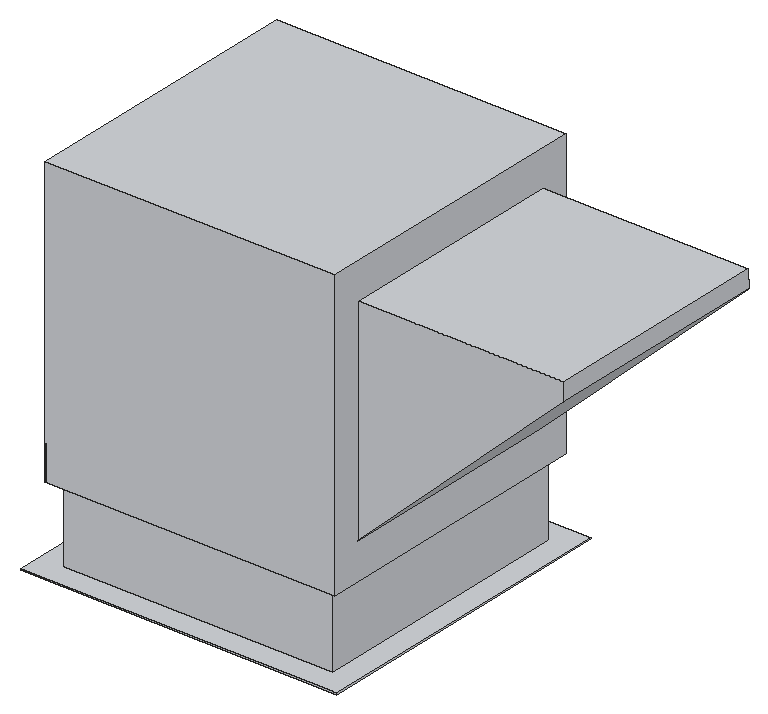
Revit family "KSP-D_SIDE", category Mechanical Equipment, Revit 2019
Family settings
  Round Connector Dimension = Use Diameter
  Part Type = Normal
  Work Plane-Based = No
  Always vertical = Yes
  Cut with Voids When Loaded = No
  Shared = No
  Room Calculation Point = No
Parameters (values of type "97KSPD_Side")
  W/2 = W / 2  # 0' - 2 7/16"
  W = 0' - 4 7/8"
  Unit Weight [instance] = ""
  T_SQ/2 = T_SQ / 2  # 1' - 0 1/16"
  T_SQ = 2' - 0 1/8"
  Sones [instance] = ""
  RO/2 = RO / 2  # 0' - 9 3/4"
  RO = 1' - 7 1/2"
  OP_HEIGHT = 1' - 0 209/256"
  Motor RPM [instance] = ""
  Motor Enclosure [instance] = ""
  ModelID [instance] = ""
  LwA [instance] = ""
  K = 0' - 6 1/4"
  H = 0' - 3 7/16"
  G = 0' - 3"
  Fan RPM [instance] = ""
  FILTER_H = 1' - 10 3/4"
  FILTER_W = 1' - 5 3/4"
  F = 0' - 10 7/16"
  E = 0' - 9 5/8"
  D = 1' - 5 1/4"
  C_W/2 = C_W / 2  # 0' - 9 5/8"
  C_W = 1' - 7 1/4"
  C_H = 1' - 6"
  CURB_HEIGHT [instance] = 0' - 9 1/2"
  CURB [instance] = yes
  Brake Hp [instance] = ""
  B = 2' - 0"
  Accessories [instance] = ""
  A/2 = A / 2  # 1' - 0 3/32"
  A = 2' - 0 3/16"
  4 = 0' - 4"  # constant formula
  2" = 0' - 2"  # constant formula
  0 = 0' - 0"  # constant formula
  Voltage [instance] = 0 V
  URL = "www.lorencook.com"
  Type Comments = "Filtered Kitchen Supply Packaged Ventilator Direct Drive Side Discharge"  # constant formula
  Static Pressure [instance] = 0.00 in-wg
  Power [instance] = Voltage * Motor FLA * sqrt(if(Phase = 3, 3, 1))  # 0 VA
  Phase [instance] = 0
  Number of Poles [instance] = 1
  Motor Hp [instance] = "0"
  Motor FLA [instance] = 0 A
  Model = "KSP-D_Side"  # constant formula
  Manufacturer = "Loren Cook Company"
  CFM [instance] = 0 CFM
  1.5 = 0' - 1 1/2"  # constant formula
  3/4 = 0' - 0 3/4"  # constant formula
  ONE EIGTH = 0' - 0 1/8"  # constant formula
  -(C_W/2) = -(C_W / 2)  # -0' - 9 5/8"
Types (17): name | W/2 | W | T_SQ/2 | T_SQ | RO/2 | RO | K | H | FILTER_H | FILTER_W | F | E | D | C_W/2 | C_W | C_H | B | A/2 | A | -(C_W/2)
  (no name) | 0' - 2 7/16" | 0' - 4 7/8" | 1' - 0 1/16" | 2' - 0 1/8" | 0' - 9 3/4" | 1' - 7 1/2" | 0' - 6 1/4" | 0' - 3 7/16" | 1' - 10 3/4" | 1' - 5 3/4" | 0' - 10 7/16" | 0' - 9 5/8" | 1' - 5 1/4" | 0' - 9 5/8" | 1' - 7 1/4" | 1' - 6" | 2' - 0" | 1' - 0 3/32" | 2' - 0 3/16" | -0' - 9 5/8"
  94KSPD_Side | 0' - 2 9/32" | 0' - 4 9/16" | 1' - 0 1/16" | 2' - 0 1/8" | 0' - 9 3/4" | 1' - 7 1/2" | 0' - 6 1/4" | 0' - 3" | 1' - 10 3/4" | 1' - 5 3/4" | 0' - 10 5/8" | 0' - 9 13/16" | 1' - 5 1/4" | 0' - 9 5/8" | 1' - 7 1/4" | 1' - 6" | 2' - 0" | 1' - 0 3/32" | 2' - 0 3/16" | -0' - 9 5/8"
  103KSPD_Side | 0' - 4 9/32" | 0' - 8 9/16" | 1' - 2 1/16" | 2' - 4 1/8" | 0' - 11 3/4" | 1' - 11 1/2" | 0' - 6 1/4" | 0' - 3 7/8" | 2' - 3" | 1' - 9 3/4" | 1' - 0 3/16" | 0' - 9 13/16" | 1' - 8 1/4" | 0' - 11 1/8" | 1' - 10 1/4" | 1' - 9" | 2' - 3" | 1' - 2 3/32" | 2' - 4 3/16" | -0' - 11 1/8"
  122KSPD_Side | 0' - 9 7/16" | 1' - 6 7/8" | 1' - 4 1/16" | 2' - 8 1/8" | 1' - 1 3/4" | 2' - 3 1/2" | 0' - 3 7/16" | 0' - 4 7/8" | 2' - 10 3/8" | 2' - 1 3/4" | 1' - 1 11/16" | 0' - 6 7/8" | 2' - 1 5/8" | 1' - 1 1/4" | 2' - 2 1/2" | 2' - 2 3/16" | 2' - 8 1/4" | 1' - 4 3/32" | 2' - 8 3/16" | -1' - 1 1/4"
  96KSPD_Side | 0' - 2 7/16" | 0' - 4 7/8" | 1' - 0 1/16" | 2' - 0 1/8" | 0' - 9 3/4" | 1' - 7 1/2" | 0' - 6 1/4" | 0' - 3 7/16" | 1' - 10 3/4" | 1' - 5 3/4" | 0' - 10 7/16" | 0' - 9 5/8" | 1' - 5 1/4" | 0' - 9 5/8" | 1' - 7 1/4" | 1' - 6" | 2' - 0" | 1' - 0 3/32" | 2' - 0 3/16" | -0' - 9 5/8"
  98KSPD_Side | 0' - 2 13/16" | 0' - 5 5/8" | 1' - 0 1/16" | 2' - 0 1/8" | 0' - 9 3/4" | 1' - 7 1/2" | 0' - 6 1/4" | 0' - 3 7/8" | 1' - 10 3/4" | 1' - 5 3/4" | 0' - 10 1/4" | 0' - 9 1/4" | 1' - 5 1/4" | 0' - 9 5/8" | 1' - 7 1/4" | 1' - 6" | 2' - 0" | 1' - 0 3/32" | 2' - 0 3/16" | -0' - 9 5/8"
  125KSPD_Side | 0' - 11 1/4" | 1' - 10 1/2" | 1' - 4 1/16" | 2' - 8 1/8" | 1' - 1 3/4" | 2' - 3 1/2" | 0' - 3 15/16" | 0' - 4 7/8" | 2' - 10 3/8" | 2' - 1 3/4" | 1' - 2" | 0' - 4 7/8" | 2' - 1 5/8" | 1' - 1 1/4" | 2' - 2 1/2" | 2' - 2 3/16" | 2' - 8 1/4" | 1' - 4 3/32" | 2' - 8 3/16" | -1' - 1 1/4"
  95KSPD_Side | 0' - 2 9/32" | 0' - 4 9/16" | 1' - 0 1/16" | 2' - 0 1/8" | 0' - 9 3/4" | 1' - 7 1/2" | 0' - 6 1/4" | 0' - 3" | 1' - 10 3/4" | 1' - 5 3/4" | 0' - 10 5/8" | 0' - 9 13/16" | 1' - 5 1/4" | 0' - 9 5/8" | 1' - 7 1/4" | 1' - 6" | 2' - 0" | 1' - 0 3/32" | 2' - 0 3/16" | -0' - 9 5/8"
  97KSPD_Side | 0' - 2 7/16" | 0' - 4 7/8" | 1' - 0 1/16" | 2' - 0 1/8" | 0' - 9 3/4" | 1' - 7 1/2" | 0' - 6 1/4" | 0' - 3 7/16" | 1' - 10 3/4" | 1' - 5 3/4" | 0' - 10 7/16" | 0' - 9 5/8" | 1' - 5 1/4" | 0' - 9 5/8" | 1' - 7 1/4" | 1' - 6" | 2' - 0" | 1' - 0 3/32" | 2' - 0 3/16" | -0' - 9 5/8"
  99KSPD_Side | 0' - 2 13/16" | 0' - 5 5/8" | 1' - 0 1/16" | 2' - 0 1/8" | 0' - 9 3/4" | 1' - 7 1/2" | 0' - 6 1/4" | 0' - 3 7/8" | 1' - 10 3/4" | 1' - 5 3/4" | 0' - 10 1/4" | 0' - 9 1/4" | 1' - 5 1/4" | 0' - 9 5/8" | 1' - 7 1/4" | 1' - 6" | 2' - 0" | 1' - 0 3/32" | 2' - 0 3/16" | -0' - 9 5/8"
  104KSPD_Side | 0' - 4 9/32" | 0' - 8 9/16" | 1' - 2 1/16" | 2' - 4 1/8" | 0' - 11 3/4" | 1' - 11 1/2" | 0' - 6 1/4" | 0' - 3 7/8" | 2' - 3" | 1' - 9 3/4" | 1' - 0 3/16" | 0' - 9 13/16" | 1' - 8 1/4" | 0' - 11 1/8" | 1' - 10 1/4" | 1' - 9" | 2' - 3" | 1' - 2 3/32" | 2' - 4 3/16" | -0' - 11 1/8"
  105KSPD_Side | 0' - 4 9/32" | 0' - 8 9/16" | 1' - 2 1/16" | 2' - 4 1/8" | 0' - 11 3/4" | 1' - 11 1/2" | 0' - 6 1/4" | 0' - 3 7/8" | 2' - 3" | 1' - 9 3/4" | 1' - 0 3/16" | 0' - 9 13/16" | 1' - 8 1/4" | 0' - 11 1/8" | 1' - 10 1/4" | 1' - 9" | 2' - 3" | 1' - 2 3/32" | 2' - 4 3/16" | -0' - 11 1/8"
  106KSPD_Side | 0' - 4 9/32" | 0' - 8 9/16" | 1' - 2 1/16" | 2' - 4 1/8" | 0' - 11 3/4" | 1' - 11 1/2" | 0' - 6 1/4" | 0' - 3 7/8" | 2' - 3" | 1' - 9 3/4" | 1' - 0 3/16" | 0' - 9 13/16" | 1' - 8 1/4" | 0' - 11 1/8" | 1' - 10 1/4" | 1' - 9" | 2' - 3" | 1' - 2 3/32" | 2' - 4 3/16" | -0' - 11 1/8"
  123KSPD_Side | 0' - 9 7/16" | 1' - 6 7/8" | 1' - 4 1/16" | 2' - 8 1/8" | 1' - 1 3/4" | 2' - 3 1/2" | 0' - 3 7/16" | 0' - 4 7/8" | 2' - 10 3/8" | 2' - 1 3/4" | 1' - 1 11/16" | 0' - 6 7/8" | 2' - 1 5/8" | 1' - 1 1/4" | 2' - 2 1/2" | 2' - 2 3/16" | 2' - 8 1/4" | 1' - 4 3/32" | 2' - 8 3/16" | -1' - 1 1/4"
  124KSPD_Side | 0' - 9 7/16" | 1' - 6 7/8" | 1' - 4 1/16" | 2' - 8 1/8" | 1' - 1 3/4" | 2' - 3 1/2" | 0' - 3 7/16" | 0' - 4 7/8" | 2' - 10 3/8" | 2' - 1 3/4" | 1' - 1 11/16" | 0' - 6 7/8" | 2' - 1 5/8" | 1' - 1 1/4" | 2' - 2 1/2" | 2' - 2 3/16" | 2' - 8 1/4" | 1' - 4 3/32" | 2' - 8 3/16" | -1' - 1 1/4"
  126KSPD_Side | 0' - 11 1/4" | 1' - 10 1/2" | 1' - 4 1/16" | 2' - 8 1/8" | 1' - 1 3/4" | 2' - 3 1/2" | 0' - 3 15/16" | 0' - 4 7/8" | 2' - 10 3/8" | 2' - 1 3/4" | 1' - 2" | 0' - 4 7/8" | 2' - 1 5/8" | 1' - 1 1/4" | 2' - 2 1/2" | 2' - 2 3/16" | 2' - 8 1/4" | 1' - 4 3/32" | 2' - 8 3/16" | -1' - 1 1/4"
  127KSPD_Side | 0' - 11 1/4" | 1' - 10 1/2" | 1' - 4 1/16" | 2' - 8 1/8" | 1' - 1 3/4" | 2' - 3 1/2" | 0' - 3 15/16" | 0' - 4 7/8" | 2' - 10 3/8" | 2' - 1 3/4" | 1' - 2" | 0' - 4 7/8" | 2' - 1 5/8" | 1' - 1 1/4" | 2' - 2 1/2" | 2' - 2 3/16" | 2' - 8 1/4" | 1' - 4 3/32" | 2' - 8 3/16" | -1' - 1 1/4"
Reference planes (in)
  plane 1 "Center (Front/Back)": y = 0
  plane 2: z = 0
  plane 3 "Center (Left/Right)": x = 0.40541
Forms (in)
  Extrusion 1, solid
    sketch origin (0, 0, 0) x (1, 0, 0) y (0, 1, 0)
      loop
        line (-11.68834, 12.09375) -> (-11.68834, -12.09375) -> (12.49916, -12.09375) -> (12.49916, 12.09375) -> (-11.68834, 12.09375)
    from 0 to 24 <- "B"
  Extrusion 2, void
    sketch origin (0, 0, 0) x (1, 0, 0) y (0, 1, 0)
      loop
        line (-11.65709, 12.0625) -> (-11.65709, -12.0625) -> (12.46791, -12.0625) -> (12.46791, 12.0625) -> (-11.65709, 12.0625)
    from 0 to 3 <- "G"
  Extrusion 3, solid
    sketch origin (0, 0, 0) x (1, 0, 0) y (0, 0, 1)
      loop
        line (12.49916, 21) -> (12.49916, 3) -> (29.74916, 19.5) -> (29.74916, 21) -> (12.49916, 21)
    from -9.625 <- "-(C_W/2)" to 9.625 <- "C_W/2"
  Extrusion 4, void
    sketch origin (0, 0, 0) x (1, 0, 0) y (0, 1, 0)
      loop
        circle (-7.68834, -8.09375) r 0.75
    from 0 to 3.125
  Extrusion 5, void
    sketch origin (-11.68834, -12.09375, 0) x (0, -1, 0) y (0, 0, -1)
      loop
        line (-14.53125, -9.6875) -> (-9.65625, -9.6875) -> (-9.65625, -6.25) -> (-14.53125, -6.25) -> (-14.53125, -9.6875)
    from 0 to 0.125
  Extrusion 6, solid, visible <- "CURB"
    sketch origin (0, 0, 3) x (0, 1, 0) y (1, 0, 0)
      loop
        line (-9.75, -9.34459) -> (9.75, -9.34459) -> (9.75, 10.15541) -> (-9.75, 10.15541) -> (-9.75, -9.34459)
      loop
        line (11.25, 11.65541) -> (-11.25, 11.65541) -> (-11.25, -10.84459) -> (11.25, -10.84459) -> (11.25, 11.65541)
    from 0 to 9.5 <- "CURB_HEIGHT"
  Extrusion 7, solid, visible <- "CURB"
    sketch origin (0, 0, -6.5) x (-1, 0, 0) y (0, 1, 0)
      loop
        line (10.84459, -11.25) -> (10.84459, 11.25) -> (-11.65541, 11.25) -> (-11.65541, -11.25) -> (10.84459, -11.25)
      loop
        line (-13.65541, 13.25) -> (-13.65541, -13.25) -> (12.84459, -13.25) -> (12.84459, 13.25) -> (-13.65541, 13.25)
    from 0 to -0.125
Cuts and joins
  Extrusion 2, Extrusion 4, Extrusion 5 cuts Extrusion 1
Dimensions and locks (in)
  "A": Extrusion 1 sketch curve to Extrusion 1 sketch curve  (x2)
  "A/2": plane 3 "Center (Left/Right)" to Extrusion 1 sketch curve
  "A/2": plane 1 "Center (Front/Back)" to Extrusion 1 sketch curve
  "T_SQ/2": Extrusion 2 sketch curve to plane 3 "Center (Left/Right)"
  "T_SQ": Extrusion 2 sketch curve to Extrusion 2 sketch curve  (x2)
  "T_SQ/2": plane 1 "Center (Front/Back)" to Extrusion 2 sketch curve
  "G": Extrusion 3 sketch curve to level
  "C_H": Extrusion 3 sketch curve to Extrusion 3 sketch curve
  "D": Extrusion 3 sketch curve to cut or joined group of Extrusion 1, Extrusion 2, Extrusion 4, Extrusion 5
  "0": Extrusion 3 sketch curve to cut or joined group of Extrusion 1, Extrusion 2, Extrusion 4, Extrusion 5
  "1.5": Extrusion 3 sketch curve to Extrusion 3 sketch curve
  "4": cut or joined group of Extrusion 1, Extrusion 2, Extrusion 4, Extrusion 5 to Extrusion 4 sketch curve  (x2)
  "H": Extrusion 5 sketch curve to Extrusion 5 sketch curve
  "W": Extrusion 5 sketch curve to Extrusion 5 sketch curve
  "W/2": plane 1 "Center (Front/Back)" to Extrusion 5 sketch curve
  "K": Extrusion 5 sketch curve to level
  "1.5": Extrusion 6 sketch curve to Extrusion 6 sketch curve  (x4)
  "RO/2": Extrusion 6 sketch curve to plane 3 "Center (Left/Right)"
  "RO/2": plane 3 "Center (Left/Right)" to Extrusion 6 sketch curve
  "RO/2": Extrusion 6 sketch curve to plane 1 "Center (Front/Back)"  (x2)
  "2"": Extrusion 7 sketch curve to Extrusion 7 sketch curve  (x4)
  "0": Extrusion 7 sketch curve to Extrusion 6  (x3)
  "0": Extrusion 6 to Extrusion 7 sketch curve
  "3/4": radius of Extrusion 4 sketch curve
Connectors (in)
  electrical at (-7.68834, -8.09375, 3)
    settings: on cut or joined group of Extrusion 1, Extrusion 2, Extrusion 4, Extrusion 5, index 3, voltage 0 V, apparent load 0 VA, apparent load phase1 0 VA, apparent load phase2 0 VA, apparent load phase3 0 VA, power factor 1, load classification "Other", number of poles 1, system type 14, power factor state 1, is connector primary yes, connector utility no, sub classification motor no, connector description ""
  hvac at (-11.68834, 0, 7.96875), driven by "H", driven by "W", driven by "CFM"
    settings: on cut or joined group of Extrusion 1, Extrusion 2, Extrusion 4, Extrusion 5, index 4, duct flow 0 CFM, flow factor 0, pres drop 0.00 in-wg, loss coef 0, conn angle 0.00°, conn width 4 7/8", conn height 3 7/16", conn diameter 24", duct sys type 1, conn prof type 1, flow config 0, flow direction 1, loss method 0, conn ref index -1, conn util no, is conn primary yes, conn desc ""
